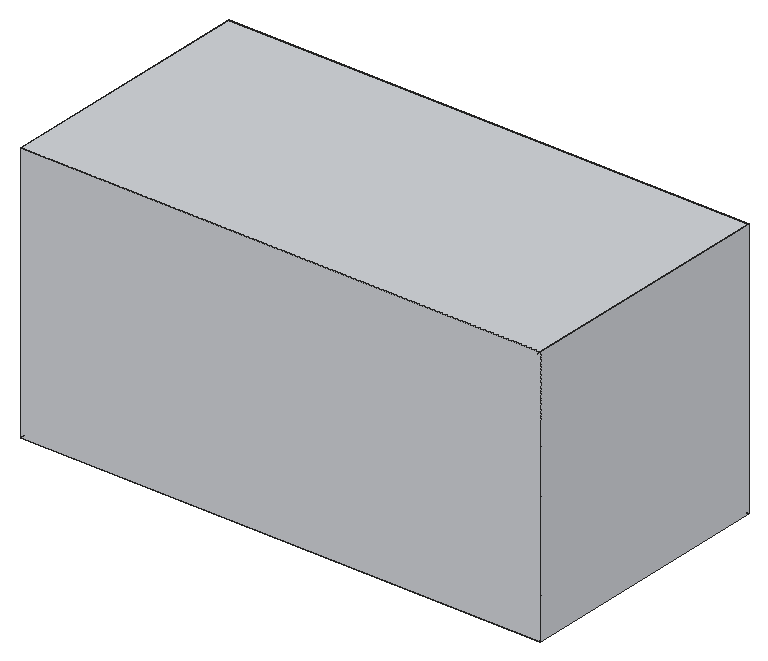
Revit family "FK066-16x8x8-Z", category Furniture Systems, Revit 2019
Family settings
  Round Connector Dimension = Use Diameter
  Part Type = Normal
  Work Plane-Based = No
  Always vertical = Yes
  Cut with Voids When Loaded = No
  Shared = No
  Room Calculation Point = No
Parameters (values of type "Rectangle, 16L x 8W x 8H, Zippered")
  URL = "https://fomcore.com/"
  Side Fabric = none
  Seat Fabric = none
  Model = "FK066-16x8x8-Z"
  Manufacturer = "FOMCORE"
  Description = "Lil Explorer - Rectangle"
Reference planes (in)
  plane 1 "Center F/B": y = 0
  plane 2: z = 0
  plane 3 "Center L/R": x = 0
  plane 4: x = -8
  plane 5: y = 4
  plane 6: x = 8
  plane 7: y = -4
  plane 8: z = 8
Forms (in)
  Sweep 1, solid, material <- "Side Fabric"
    path origin (0, 0, 0) x (1, 0, 0) y (0, 1, 0)
      loop
        line (8, 4) -> (-8, 4) -> (-8, -4) -> (8, -4) -> (8, 4)
    profile origin (0, 4, 0) x (0, -1, 0) y (0, 0, 1)
      loop
        line (0, 0) -> (0.35355, 0.35355) -> (0.35355, 7.64645) -> (0, 8) -> (0, 0)
  Blend 2, solid, material <- "Seat Fabric"
    base sketch origin (0, 0, 0) x (1, 0, 0) y (0, 1, 0)
      loop
        line (8, 4) -> (-8, 4) -> (-8, -4) -> (8, -4) -> (8, 4)
    top sketch origin (0, 0, 0) x (1, 0, 0) y (0, 1, 0)
      loop
        line (-7.64645, 3.64645) -> (-7.64645, -3.64645) -> (7.64645, -3.64645) -> (7.64645, 3.64645) -> (-7.64645, 3.64645)
    from 0 to 0.35355
  Blend 3, solid, material <- "Seat Fabric"
    base sketch origin (0, 0, 8) x (0, -1, 0) y (1, 0, 0)
      loop
        line (-4, 8) -> (-4, -8) -> (4, -8) -> (4, 8) -> (-4, 8)
    top sketch origin (0, 0, 8) x (0, -1, 0) y (1, 0, 0)
      loop
        line (-3.64645, -7.64645) -> (3.64645, -7.64645) -> (3.64645, 7.64645) -> (-3.64645, 7.64645) -> (-3.64645, -7.64645)
    from 0 to -0.35355
Dimensions and locks (in)
  plane 4 to plane 6 = 1' - 4"
  equal spacing: plane 4, plane 3 "Center L/R", plane 6
  plane 5 to plane 7 = 0' - 8"
  equal spacing: plane 5, plane 1 "Center F/B", plane 7
  plane 8 to level = 0' - 8"
  aligned and locked: level to plane 2
Automatic sketch dimensions
  Sweep 1 sketch curve to plane 4 = 0' - 0"
  Sweep 1 sketch curve to plane 6 = 0' - 0"
  plane 7 to Sweep 1 sketch curve = 0' - 0"
  Sweep 1 sketch curve to plane 5 = 0' - 0"
  Sweep 1 sketch curve to profile plane = 0' - 0"
  Sweep 1 sketch curve to level = 0' - 0"
  Sweep 1 sketch curve to profile plane = 0' - 0.35355"
  level to Sweep 1 sketch curve = 0' - 0.35355"
  Sweep 1 sketch curve to Sweep 1 sketch curve = 0' - 7.29289"
  Sweep 1 sketch curve to Sweep 1 sketch curve = 0' - 0.35355"
  Blend 2 sketch curve to plane 4 = 0' - 0"
  Blend 2 sketch curve to plane 6 = 0' - 0"
  plane 7 to Blend 2 sketch curve = 0' - 0"
  Blend 2 sketch curve to plane 5 = 0' - 0"
  Blend 2 sketch curve to plane 4 = 0' - 0.35355"
  Blend 2 sketch curve to plane 6 = 0' - 0.35355"
  Blend 2 sketch curve to plane 7 = 0' - 0.35355"
  Blend 2 sketch curve to plane 5 = 0' - 0.35355"
  Blend 3 sketch curve to plane 4 = 0' - 0"
  Blend 3 sketch curve to plane 5 = 0' - 0"
  Blend 3 sketch curve to plane 6 = 0' - 0"
  plane 7 to Blend 3 sketch curve = 0' - 0"
  Blend 3 sketch curve to plane 5 = 0' - 0.35355"
  Blend 3 sketch curve to plane 7 = 0' - 0.35355"
  Blend 3 sketch curve to plane 4 = 0' - 0.35355"
  Blend 3 sketch curve to plane 6 = 0' - 0.35355"
